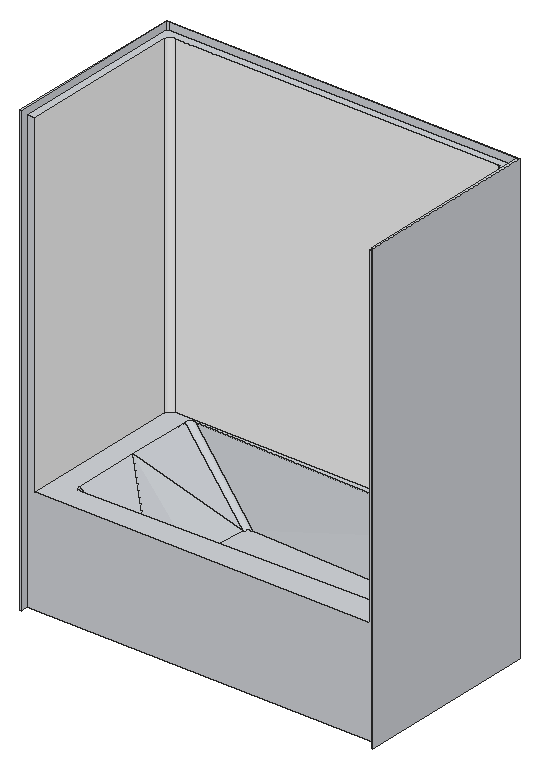
Revit family "6030STT Family", category Generic Models, Revit 2021
Family settings
  Can host rebar = No
  Round Connector Dimension = Use Diameter
  Part Type = Normal
  Work Plane-Based = No
  Always vertical = Yes
  Cut with Voids When Loaded = No
  Shared = No
  Room Calculation Point = No
Parameters (values of type "6030STTMR Right Hand AFR")
  Default Elevation = 0' - 0"
  6030STTR Right Hand = no
  6030STTML Left Hand AFR = no
  6030STTMR Right Hand AFR = yes
  6030STTL Left Hand = no
Types (5): name | 6030STTR Right Hand | 6030STTML Left Hand AFR | 6030STTMR Right Hand AFR | 6030STTL Left Hand
  (no name) | no | no | yes | no
  6030STTL Left Hand Drain | no | no | no | yes
  6030STTML Left Hand AFR | no | yes | no | no
  6030STTMR Right Hand AFR | no | no | yes | no
  6030STTR Right Hand | yes | no | no | no
Reference planes (in)
  plane 1 "Center (Front/Back)": y = 0
  plane 2: z = 0
  plane 3 "Center (Left/Right)": x = 0
Dimensions and locks (in)
  aligned and locked: plane 2 to level
  aligned and locked: nested 1 to plane 1 "Center (Front/Back)"
  aligned and locked: nested 1 to plane 3 "Center (Left/Right)"
Nested families (in)
  nested 1: "6030STTM" at (8.49687, -13.83402, 0), visible <- "6030STTML Left Hand AFR", type "6030STTML"
  nested 2: "6030STTM" at (-8.49687, -13.83402, 0) x (-1, 0, 0) z (0, 0, 1), visible <- "6030STTMR Right Hand AFR", type "6030STTMR"
    with Right Drain yes, Left Drain no
  nested 3: "6030STT" at (8.49687, -13.83402, 0), visible <- "6030STTL Left Hand", type "6030STTL"
  nested 4: "6030STT" at (-8.49687, -13.83402, 0) x (-1, 0, 0) z (0, 0, 1), visible <- "6030STTR Right Hand", type "6030STTR"
Definition of nested family "6030STTM"
  Parameters (values of type "8030STLX")
    Right Drain = no
    Model = "8032STRX"
    Manufacturer = "Clarion Bathware"
    Left Drain = yes
    Description = "60 x 30 Subway Tile Tub Shower"
    Default Elevation = 0' - 0"
  Reference planes (in)
    plane 1 "Center (Front/Back)": y = 0
    plane 2: z = 0
    plane 3 "Center (Left/Right)": x = 0
  Forms (in)
    Extrusion 1, solid
      sketch origin (0, 0, 0.25) x (1, 0, 0) y (0, 0, 1)
        loop
          line (-8.49687, 76) -> (-8.49687, -0.25) -> (51.47247, -0.25) -> (51.47247, 76) -> (-8.49687, 76)
      from -13.83402 to 16.15565
    Extrusion 2, void
      sketch origin (0, 0, 0) x (1, 0, 0) y (0, 1, 0)
        loop
          line (-7.0072, -16.15565) -> (49.9828, -16.15565) -> (49.9828, 11.34238)
          arc (49.9828, 11.34238) -> (49.68991, 12.04949) -> (48.9828, 12.34238) r 1
          line (48.9828, 12.34238) -> (-6.0072, 12.34238)
          arc (-6.0072, 12.34238) -> (-6.71431, 12.04949) -> (-7.0072, 11.34238) r 1
          line (-7.0072, 11.34238) -> (-7.0072, -16.15565)
      from 18 to 75
    Extrusion 3, void
      sketch origin (0, 0, 0) x (1, 0, 0) y (0, 1, 0)
        loop
          line (-8.30962, -16.15565) -> (51.28523, -16.15565) -> (51.28523, 13.39678)
          arc (51.28523, 13.39678) -> (51.212, 13.57356) -> (51.03523, 13.64678) r 0.25
          line (51.03523, 13.64678) -> (-8.05962, 13.64678)
          arc (-8.05962, 13.64678) -> (-8.2364, 13.57356) -> (-8.30962, 13.39678) r 0.25
          line (-8.30962, 13.39678) -> (-8.30962, -16.15565)
      from 83.20346 to 75
    Blend 4, void
      base sketch origin (0, 0, 18) x (1, 0, 0) y (0, 1, 0)
        loop
          arc (-4.29195, -0.125) -> (-4.18243, -4.31566) -> (-3.97945, -8.50283) r 187.89422
          arc (-3.97945, -8.50283) -> (-3.68806, -9.15065) -> (-3.04002, -9.44154) r 1
          arc (-3.04002, -9.44154) -> (15.5309, -10.27437) -> (34.11786, -10.58667) r 663.57819
          arc (34.11786, -10.58667) -> (34.76414, -10.35213) -> (35.10625, -9.75575) r 1
          arc (35.10625, -9.75575) -> (35.92633, -0.125) -> (35.10625, 9.50575) r 56.96016
          arc (35.10625, 9.50575) -> (34.76414, 10.10213) -> (34.11786, 10.33667) r 1
          arc (34.11786, 10.33667) -> (15.5309, 10.02437) -> (-3.04002, 9.19154) r 663.57819
          arc (-3.04002, 9.19154) -> (-3.68806, 8.90065) -> (-3.97945, 8.25283) r 1
          arc (-3.97945, 8.25283) -> (-4.18243, 4.06566) -> (-4.29195, -0.125) r 187.89422
      top sketch origin (0, 0, 18) x (1, 0, 0) y (0, 1, 0)
        loop
          arc (-6.00656, -0.125) -> (-5.91004, -5.21278) -> (-5.67577, -10.29608) r 187.89422
          arc (-5.67577, -10.29608) -> (-5.38438, -10.9439) -> (-4.73633, -11.23479) r 1
          arc (-4.73633, -11.23479) -> (20.24654, -12.23421) -> (45.24934, -12.29175) r 663.57819
          arc (45.24934, -12.29175) -> (45.94573, -11.99313) -> (46.2328, -11.29189) r 1
          line (46.2328, -11.29189) -> (46.2328, 0) -> (46.2328, 11.04189)
          arc (46.2328, 11.04189) -> (45.94573, 11.74313) -> (45.24934, 12.04175) r 1
          arc (45.24934, 12.04175) -> (20.24654, 11.98421) -> (-4.73633, 10.98479) r 663.57819
          arc (-4.73633, 10.98479) -> (-5.38438, 10.6939) -> (-5.67577, 10.04608) r 1
          arc (-5.67577, 10.04608) -> (-5.91004, 4.96278) -> (-6.00656, -0.125) r 187.89422
      from -12 to 0
    Extrusion 5, solid
      sketch origin (0, -16.15565, 0.25) x (1, 0, 0) y (0, 0, 1)
        loop
          line (-8.49687, 76) -> (-8.49687, -0.25) -> (-8.30962, -0.25) -> (-8.30962, 76) -> (-8.49687, 76)
        loop
          line (51.47247, -0.25) -> (51.47247, 76) -> (51.28523, 76) -> (51.28523, -0.25) -> (51.47247, -0.25)
      from 0 to 1.25
    Extrusion 6, void
      sketch origin (0, 0, 0) x (1, 0, 0) y (0, 1, 0)
        loop
          circle (0, 0) r 1
      from -20.49945 to 12.09735
  Cuts and joins
    Extrusion 2, Extrusion 3, Blend 4, Extrusion 6 cuts Extrusion 1
    Extrusion 6 cuts Extrusion 5
    joined: Extrusion 1, Extrusion 5
  Dimensions and locks (in)
    cut or joined group of Extrusion 1, Extrusion 2, Extrusion 3, Blend 4, Extrusion 5, Extrusion 6 to cut or joined group of Extrusion 1, Extrusion 2, Extrusion 3, Blend 4, Extrusion 5, Extrusion 6 = 1' - 6"
    cut or joined group of Extrusion 1, Extrusion 2, Extrusion 3, Blend 4, Extrusion 5, Extrusion 6 to cut or joined group of Extrusion 1, Extrusion 2, Extrusion 3, Blend 4, Extrusion 5, Extrusion 6 = 2' - 5.98967"
    cut or joined group of Extrusion 1, Extrusion 2, Extrusion 3, Blend 4, Extrusion 5, Extrusion 6 to cut or joined group of Extrusion 1, Extrusion 2, Extrusion 3, Blend 4, Extrusion 5, Extrusion 6 = 2' - 7.23967"
    cut or joined group of Extrusion 1, Extrusion 2, Extrusion 3, Blend 4, Extrusion 5, Extrusion 6 to cut or joined group of Extrusion 1, Extrusion 2, Extrusion 3, Blend 4, Extrusion 5, Extrusion 6 = 4' - 11.96934"
    cut or joined group of Extrusion 1, Extrusion 2, Extrusion 3, Blend 4, Extrusion 5, Extrusion 6 to plane 3 "Center (Left/Right)" = 0' - 8.49687"
    cut or joined group of Extrusion 1, Extrusion 2, Extrusion 3, Blend 4, Extrusion 5, Extrusion 6 to plane 1 "Center (Front/Back)" = 1' - 1.83402"
    cut or joined group of Extrusion 1, Extrusion 2, Extrusion 3, Blend 4, Extrusion 5, Extrusion 6 to cut or joined group of Extrusion 1, Extrusion 2, Extrusion 3, Blend 4, Extrusion 5, Extrusion 6 = 6' - 3"
    cut or joined group of Extrusion 1, Extrusion 2, Extrusion 3, Blend 4, Extrusion 5, Extrusion 6 to cut or joined group of Extrusion 1, Extrusion 2, Extrusion 3, Blend 4, Extrusion 5, Extrusion 6 = 6' - 4 1/4"
    aligned and locked: plane 2 to level
    aligned and locked: Extrusion 5 sketch curve to cut or joined group of Extrusion 1, Extrusion 2, Extrusion 3, Blend 4, Extrusion 5, Extrusion 6  (x5)
  Automatic sketch dimensions
    level to Extrusion 1 sketch curve = 0' - 0"
    Extrusion 1 sketch curve to plane 3 "Center (Left/Right)" = 0' - 8.49687"
    plane 3 "Center (Left/Right)" to Extrusion 1 sketch curve = 4' - 3.47247"
    Extrusion 1 sketch curve to Extrusion 1 sketch curve = 6' - 4 1/4"
    Extrusion 2 sketch curve to plane 3 "Center (Left/Right)" = 0' - 7.0072"
    Extrusion 2 sketch curve to Extrusion 2 sketch curve = 0' - 1"  (x2)
    Extrusion 2 sketch curve to plane 1 "Center (Front/Back)" = 0' - 11.34238"
    plane 3 "Center (Left/Right)" to Extrusion 2 sketch curve = 4' - 0.9828"
    plane 1 "Center (Front/Back)" to Extrusion 2 sketch curve = 1' - 4.15565"
    Extrusion 3 sketch curve to plane 3 "Center (Left/Right)" = 0' - 8.30962"
    Extrusion 3 sketch curve to Extrusion 3 sketch curve = 0' - 0 1/4"  (x2)
    Extrusion 3 sketch curve to plane 1 "Center (Front/Back)" = 1' - 1.39678"
    plane 3 "Center (Left/Right)" to Extrusion 3 sketch curve = 4' - 3.03523"
    plane 1 "Center (Front/Back)" to Extrusion 3 sketch curve = 1' - 4.15565"
    Blend 4 sketch curve to Extrusion 2 = 0' - 2.32965"  (x2)
    Blend 4 sketch curve to Extrusion 2 = 1' - 3.70783"  (x2)
    Blend 4 sketch curve to Extrusion 2 = 0' - 4 3/4"  (x2)
    Blend 4 sketch curve to Extrusion 2 = 0' - 1.30049"
    Blend 4 sketch curve to Blend 4 sketch curve = 0' - 1"
    Blend 4 sketch curve to Extrusion 2 = 1' - 1.48722"
    Extrusion 2 to Blend 4 sketch curve = 10' - 11.90209"
    Blend 4 sketch curve to Blend 4 sketch curve = 0' - 0"  (x14)
    Blend 4 sketch curve to Extrusion 2 = 0' - 5.91912"
    Blend 4 sketch curve to Extrusion 2 = 0' - 4.86376"
    Extrusion 2 to Blend 4 sketch curve = 52' - 11.29003"
    Blend 4 sketch curve to Blend 4 sketch curve = 0' - 11.04189"
    Blend 4 sketch curve to Blend 4 sketch curve = 0' - 2.03967"
    Blend 4 sketch curve to Extrusion 2 = 0' - 2.35586"
    Extrusion 2 to Blend 4 sketch curve = 53' - 2.8533"
    Blend 4 sketch curve to Blend 4 sketch curve = 0' - 0.05879"  (x2)
    Extrusion 2 to Blend 4 sketch curve = 1' - 2.02662"
    Blend 4 sketch curve to Extrusion 2 = 0' - 4.02597"  (x2)
    Blend 4 sketch curve to Extrusion 2 = 0' - 3.00571"
    Blend 4 sketch curve to Extrusion 2 = 1' - 3.86215"  (x2)
    Blend 4 sketch curve to Extrusion 2 = 0' - 6.56897"
    Blend 4 sketch curve to Extrusion 2 = 1' - 2.01151"  (x2)
    Blend 4 sketch curve to Extrusion 2 = 0' - 9.6543"
    Blend 4 sketch curve to Extrusion 2 = 0' - 7.71237"
    Blend 4 sketch curve to Blend 4 sketch curve = 0' - 5.62617"
    Blend 4 sketch curve to Extrusion 2 = 1' - 0.46738"
    Blend 4 sketch curve to Extrusion 2 = 0' - 4.14911"
    Blend 4 sketch curve to Extrusion 2 = 0' - 2.71525"
    Blend 4 sketch curve to Blend 4 sketch curve = 0' - 0.99822"
    Blend 4 sketch curve to Blend 4 sketch curve = 0' - 0.00279"
    Blend 4 sketch curve to Blend 4 sketch curve = 0' - 0.9856"
    Extrusion 5 sketch curve to Extrusion 1 = 0' - 0"  (x3)
    plane 1 "Center (Front/Back)" to Extrusion 6 sketch curve = 0' - 0"
    Extrusion 6 sketch curve to plane 3 "Center (Left/Right)" = 0' - 0"
    radius of Extrusion 6 sketch curve = 0' - 1"
  Connectors (in)
    piping at (0, 0, 0), diameter 2
      settings: on cut or joined group of Extrusion 1, Extrusion 2, Extrusion 3, Blend 4, Extrusion 5, Extrusion 6, index 1, connector inside diameter 24", connector length 0' - 0", flow factor 0, pipe flow 0 GPM, pressure drop 0.00 psi, fitting loss kfactor 0, connector angle 0.00°, fixture units 0, engagement length 0' - 0", angle of deflection 0.00°, flow configuration 0, flow direction 0, fitting loss method 0, system type 16, joint type 0, gender type 0, connector reference index -1, connector utility 0, adjustable connector no, is connector primary yes, connector description ""
Definition of nested family "6030STT"
  Parameters (values of type "8030STL")
    Right Drain = no
    Model = "8032STRX"
    Manufacturer = "Clarion Bathware"
    Left Drain = yes
    Description = "60 x 30 Subway Tile Tub Shower"
    Default Elevation = 0' - 0"
  Reference planes (in)
    plane 1 "Center (Front/Back)": y = 0
    plane 2: z = 0
    plane 3 "Center (Left/Right)": x = 0
  Forms (in)
    Extrusion 1, solid
      sketch origin (0, 0, -1.75) x (1, 0, 0) y (0, 0, 1)
        loop
          line (-8.49687, 76) -> (-8.49687, 1.75) -> (51.47247, 1.75) -> (51.47247, 76) -> (-8.49687, 76)
      from -13.83402 to 16.15565
    Extrusion 2, void
      sketch origin (0, 0, 0) x (1, 0, 0) y (0, 1, 0)
        loop
          line (-7.0072, -16.15565) -> (49.9828, -16.15565) -> (49.9828, 11.34238)
          arc (49.9828, 11.34238) -> (49.68991, 12.04949) -> (48.9828, 12.34238) r 1
          line (48.9828, 12.34238) -> (-6.0072, 12.34238)
          arc (-6.0072, 12.34238) -> (-6.71431, 12.04949) -> (-7.0072, 11.34238) r 1
          line (-7.0072, 11.34238) -> (-7.0072, -16.15565)
      from 16 to 73
    Extrusion 3, void
      sketch origin (0, 0, 0) x (1, 0, 0) y (0, 1, 0)
        loop
          line (-8.30962, -16.15565) -> (51.28523, -16.15565) -> (51.28523, 13.39678)
          arc (51.28523, 13.39678) -> (51.212, 13.57356) -> (51.03523, 13.64678) r 0.25
          line (51.03523, 13.64678) -> (-8.05962, 13.64678)
          arc (-8.05962, 13.64678) -> (-8.2364, 13.57356) -> (-8.30962, 13.39678) r 0.25
          line (-8.30962, 13.39678) -> (-8.30962, -16.15565)
      from 83.20346 to 73
    Blend 4, void
      base sketch origin (0, 0, 16) x (1, 0, 0) y (0, 1, 0)
        loop
          arc (-4.29195, -0.125) -> (-4.18243, -4.31566) -> (-3.97945, -8.50283) r 187.89422
          arc (-3.97945, -8.50283) -> (-3.68806, -9.15065) -> (-3.04002, -9.44154) r 1
          arc (-3.04002, -9.44154) -> (15.5309, -10.27437) -> (34.11786, -10.58667) r 663.57819
          arc (34.11786, -10.58667) -> (34.76414, -10.35213) -> (35.10625, -9.75575) r 1
          arc (35.10625, -9.75575) -> (35.92633, -0.125) -> (35.10625, 9.50575) r 56.96016
          arc (35.10625, 9.50575) -> (34.76414, 10.10213) -> (34.11786, 10.33667) r 1
          arc (34.11786, 10.33667) -> (15.5309, 10.02437) -> (-3.04002, 9.19154) r 663.57819
          arc (-3.04002, 9.19154) -> (-3.68806, 8.90065) -> (-3.97945, 8.25283) r 1
          arc (-3.97945, 8.25283) -> (-4.18243, 4.06566) -> (-4.29195, -0.125) r 187.89422
      top sketch origin (0, 0, 16) x (1, 0, 0) y (0, 1, 0)
        loop
          arc (-6.00656, -0.125) -> (-5.91004, -5.21278) -> (-5.67577, -10.29608) r 187.89422
          arc (-5.67577, -10.29608) -> (-5.38438, -10.9439) -> (-4.73633, -11.23479) r 1
          arc (-4.73633, -11.23479) -> (20.24654, -12.23421) -> (45.24934, -12.29175) r 663.57819
          arc (45.24934, -12.29175) -> (45.94573, -11.99313) -> (46.2328, -11.29189) r 1
          line (46.2328, -11.29189) -> (46.2328, 0) -> (46.2328, 11.04189)
          arc (46.2328, 11.04189) -> (45.94573, 11.74313) -> (45.24934, 12.04175) r 1
          arc (45.24934, 12.04175) -> (20.24654, 11.98421) -> (-4.73633, 10.98479) r 663.57819
          arc (-4.73633, 10.98479) -> (-5.38438, 10.6939) -> (-5.67577, 10.04608) r 1
          arc (-5.67577, 10.04608) -> (-5.91004, 4.96278) -> (-6.00656, -0.125) r 187.89422
      from -14 to 0
    Extrusion 5, solid
      sketch origin (0, -16.15565, -1.75) x (1, 0, 0) y (0, 0, 1)
        loop
          line (-8.49687, 76) -> (-8.49687, 1.75) -> (-8.30962, 1.75) -> (-8.30962, 76) -> (-8.49687, 76)
        loop
          line (51.47247, 1.75) -> (51.47247, 76) -> (51.28523, 76) -> (51.28523, 1.75) -> (51.47247, 1.75)
      from 0 to 1.25
    Extrusion 6, void
      sketch origin (0, 0, 0) x (1, 0, 0) y (0, 1, 0)
        loop
          circle (0, 0) r 1
      from -20.49945 to 12.09735
  Cuts and joins
    Extrusion 2, Extrusion 3, Blend 4, Extrusion 6 cuts Extrusion 1
    Extrusion 6 cuts Extrusion 5
    joined: Extrusion 1, Extrusion 5
  Dimensions and locks (in)
    cut or joined group of Extrusion 1, Extrusion 2, Extrusion 3, Blend 4, Extrusion 5, Extrusion 6 to cut or joined group of Extrusion 1, Extrusion 2, Extrusion 3, Blend 4, Extrusion 5, Extrusion 6 = 1' - 4"
    cut or joined group of Extrusion 1, Extrusion 2, Extrusion 3, Blend 4, Extrusion 5, Extrusion 6 to cut or joined group of Extrusion 1, Extrusion 2, Extrusion 3, Blend 4, Extrusion 5, Extrusion 6 = 2' - 5.98967"
    cut or joined group of Extrusion 1, Extrusion 2, Extrusion 3, Blend 4, Extrusion 5, Extrusion 6 to cut or joined group of Extrusion 1, Extrusion 2, Extrusion 3, Blend 4, Extrusion 5, Extrusion 6 = 2' - 7.23967"
    cut or joined group of Extrusion 1, Extrusion 2, Extrusion 3, Blend 4, Extrusion 5, Extrusion 6 to cut or joined group of Extrusion 1, Extrusion 2, Extrusion 3, Blend 4, Extrusion 5, Extrusion 6 = 4' - 11.96934"
    cut or joined group of Extrusion 1, Extrusion 2, Extrusion 3, Blend 4, Extrusion 5, Extrusion 6 to plane 3 "Center (Left/Right)" = 0' - 8.49687"
    cut or joined group of Extrusion 1, Extrusion 2, Extrusion 3, Blend 4, Extrusion 5, Extrusion 6 to plane 1 "Center (Front/Back)" = 1' - 1.83402"
    cut or joined group of Extrusion 1, Extrusion 2, Extrusion 3, Blend 4, Extrusion 5, Extrusion 6 to cut or joined group of Extrusion 1, Extrusion 2, Extrusion 3, Blend 4, Extrusion 5, Extrusion 6 = 6' - 1"
    cut or joined group of Extrusion 1, Extrusion 2, Extrusion 3, Blend 4, Extrusion 5, Extrusion 6 to cut or joined group of Extrusion 1, Extrusion 2, Extrusion 3, Blend 4, Extrusion 5, Extrusion 6 = 6' - 2 1/4"
    aligned and locked: plane 2 to level
    aligned and locked: Extrusion 5 sketch curve to cut or joined group of Extrusion 1, Extrusion 2, Extrusion 3, Blend 4, Extrusion 5, Extrusion 6  (x5)
  Automatic sketch dimensions
    Extrusion 1 sketch curve to level = 0' - 0"
    Extrusion 1 sketch curve to plane 3 "Center (Left/Right)" = 0' - 8.49687"
    plane 3 "Center (Left/Right)" to Extrusion 1 sketch curve = 4' - 3.47247"
    Extrusion 1 sketch curve to Extrusion 1 sketch curve = 6' - 2 1/4"
    Extrusion 2 sketch curve to plane 3 "Center (Left/Right)" = 0' - 7.0072"
    Extrusion 2 sketch curve to Extrusion 2 sketch curve = 0' - 1"  (x2)
    Extrusion 2 sketch curve to plane 1 "Center (Front/Back)" = 0' - 11.34238"
    plane 3 "Center (Left/Right)" to Extrusion 2 sketch curve = 4' - 0.9828"
    plane 1 "Center (Front/Back)" to Extrusion 2 sketch curve = 1' - 4.15565"
    Extrusion 3 sketch curve to plane 3 "Center (Left/Right)" = 0' - 8.30962"
    Extrusion 3 sketch curve to Extrusion 3 sketch curve = 0' - 0 1/4"  (x2)
    Extrusion 3 sketch curve to plane 1 "Center (Front/Back)" = 1' - 1.39678"
    plane 3 "Center (Left/Right)" to Extrusion 3 sketch curve = 4' - 3.03523"
    plane 1 "Center (Front/Back)" to Extrusion 3 sketch curve = 1' - 4.15565"
    Blend 4 sketch curve to Extrusion 2 = 0' - 2.32965"  (x2)
    Blend 4 sketch curve to Extrusion 2 = 1' - 3.70783"  (x2)
    Blend 4 sketch curve to Extrusion 2 = 0' - 4 3/4"  (x2)
    Blend 4 sketch curve to Extrusion 2 = 0' - 1.30049"
    Blend 4 sketch curve to Blend 4 sketch curve = 0' - 1"
    Blend 4 sketch curve to Extrusion 2 = 1' - 1.48722"
    Extrusion 2 to Blend 4 sketch curve = 10' - 11.90209"
    Blend 4 sketch curve to Blend 4 sketch curve = 0' - 0"  (x14)
    Blend 4 sketch curve to Extrusion 2 = 0' - 5.91912"
    Blend 4 sketch curve to Extrusion 2 = 0' - 4.86376"
    Extrusion 2 to Blend 4 sketch curve = 52' - 11.29003"
    Blend 4 sketch curve to Blend 4 sketch curve = 0' - 11.04189"
    Blend 4 sketch curve to Blend 4 sketch curve = 0' - 2.03967"
    Blend 4 sketch curve to Extrusion 2 = 0' - 2.35586"
    Extrusion 2 to Blend 4 sketch curve = 53' - 2.8533"
    Blend 4 sketch curve to Blend 4 sketch curve = 0' - 0.05879"  (x2)
    Extrusion 2 to Blend 4 sketch curve = 1' - 2.02662"
    Blend 4 sketch curve to Extrusion 2 = 0' - 4.02597"  (x2)
    Blend 4 sketch curve to Extrusion 2 = 0' - 3.00571"
    Blend 4 sketch curve to Extrusion 2 = 1' - 3.86215"  (x2)
    Blend 4 sketch curve to Extrusion 2 = 0' - 6.56897"
    Blend 4 sketch curve to Extrusion 2 = 1' - 2.01151"  (x2)
    Blend 4 sketch curve to Extrusion 2 = 0' - 9.6543"
    Blend 4 sketch curve to Extrusion 2 = 0' - 7.71237"
    Blend 4 sketch curve to Blend 4 sketch curve = 0' - 5.62617"
    Blend 4 sketch curve to Extrusion 2 = 1' - 0.46738"
    Blend 4 sketch curve to Extrusion 2 = 0' - 4.14911"
    Blend 4 sketch curve to Extrusion 2 = 0' - 2.71525"
    Blend 4 sketch curve to Blend 4 sketch curve = 0' - 0.99822"
    Blend 4 sketch curve to Blend 4 sketch curve = 0' - 0.00279"
    Blend 4 sketch curve to Blend 4 sketch curve = 0' - 0.9856"
    Extrusion 5 sketch curve to Extrusion 1 = 0' - 0"  (x3)
    plane 1 "Center (Front/Back)" to Extrusion 6 sketch curve = 0' - 0"
    Extrusion 6 sketch curve to plane 3 "Center (Left/Right)" = 0' - 0"
    radius of Extrusion 6 sketch curve = 0' - 1"
  Connectors (in)
    piping at (0, 0, 0), diameter 2
      settings: on cut or joined group of Extrusion 1, Extrusion 2, Extrusion 3, Blend 4, Extrusion 5, Extrusion 6, index 1, connector inside diameter 24", connector length 0' - 0", flow factor 0, pipe flow 0 GPM, pressure drop 0.00 psi, fitting loss kfactor 0, connector angle 0.00°, fixture units 0, engagement length 0' - 0", angle of deflection 0.00°, flow configuration 0, flow direction 0, fitting loss method 0, system type 16, joint type 0, gender type 0, connector reference index -1, connector utility 0, adjustable connector no, is connector primary yes, connector description ""
